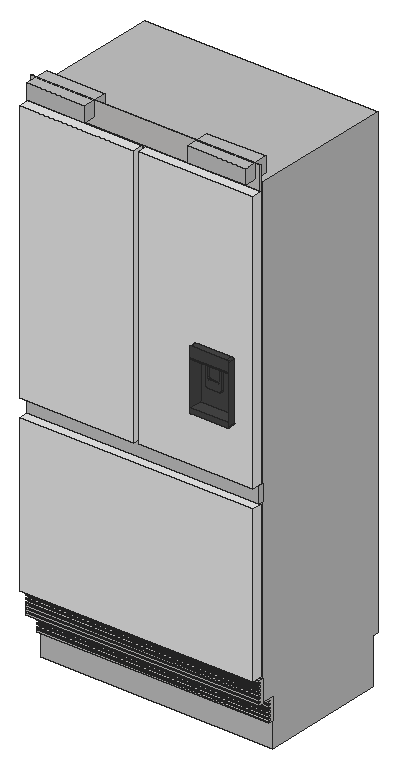
Revit family "FP_Revit_18_RS36A80U1_Fridge_90001168A", category Specialty Equipment, Revit 2018
Family settings
  Round Connector Dimension = Use Diameter
  Part Type = Normal
  OmniClass Number = 23.40.40.11.11.17
  OmniClass Title = Refrigerator-Freezer
  Work Plane-Based = No
  Always vertical = Yes
  Cut with Voids When Loaded = Yes
  Shared = No
  Room Calculation Point = No
Parameters (values of type "RS36A80U1 (without door panels)")
  Visibility - Water Dispenser = yes
  Visibility - Visibility Control Note = yes
  Visibility - Clearance Required = yes
  URL = "www.fisherpaykel.com"
  Stainless Steel Door Panel Set = no
  Product - Width = 906 mm  # constant formula
  Product - Height = 2028 mm
  Product - Depth = 621 mm  # constant formula
  Model = "RS36A80U1"
  Material - Trim = Fisher & Paykel - Stainless Steel
  Material - Door Structure = Fisher & Paykel - White
  Material - Door Front = Fisher & Paykel - Stainless Steel
  Material - Body = Fisher & Paykel - Grey
  Manufacturer = "Fisher & Paykel Appliances"
  Handle Style - Professional Square (AHV2RS36A) = no
  Handle Style - Professional Round Flush (AHP3S36A) = no
  Handle Style - Professional Round (AHCRS36A) = no
  Handle Style - Contemporary Square Fine Black (AHD5RD36AB) = no
  Handle Style - Contemporary Square Fine (AHD5RD36A) = no
  Handle Style - Contemporary Square (AHD3RS36A) = no
  Handle Style - Contemporary Round (25374 AHS-ASBI-A) = no
  Description = "36\" Integrated French Door Refrigerator Freezer, Ice & Water"
  Connector Description - Water = "1/4\" (6mm) comp. Stainless steel braided hose"
  Connector Description - Electrical = "115 V, 60 Hz, 10 A fused electrical supply"
  Chassis - Width = 890 mm  # constant formula
  Chassis - Height = 1970 mm  # constant formula
  Chassis - Depth = 603 mm  # constant formula
  Cavity - Width = 914 mm  # constant formula
  Cavity - Height = 2032 mm
  Cavity - Depth = 635 mm  # constant formula
Reference planes
  plane 1 "Datum": y = 0
  plane 2: z = 0
  plane 3 "Center (Left/Right)": x = 0
  plane 4 "Product LHS": x = -453
  plane 5 "Product RHS": x = 453
  plane 6 "Product - Depth": y = 603
  plane 7 "Cavity LHS": x = -457
  plane 8 "Cavity RHS": x = 457
  plane 9 "Cavity - Depth": y = 616.957
  plane 10 "Product Height": z = 2028
  plane 11 "Cavity Height": z = 2032
  plane 12 "Door Panel 18mm (Front)": y = -18.043
Forms (mm)
  Extrusion 1, solid, material "Fisher & Paykel - Grey" <- "Material - Body"
    sketch origin (0, 0, 0) x (0, 1, 0) y (0, 0, 1)
      loop
        line (52, 181.92) -> (102, 181.92) -> (102, 6) -> (582, 6) -> (582, 182) -> (603, 182) -> (603, 1970) -> (52, 1970) -> (52, 181.92)
    from -445 to 445
  Extrusion 2, solid, material "Fisher & Paykel - Clearance Required", visible <- "Visibility - Clearance Required", detail levels coarse
    sketch origin (0, -18, -2000) x (0, 1, 0) y (0, 0, 1)
      loop
        line (-0.043, 2874) -> (-359.921, 2874) -> (-359.921, 2809.3) -> (-401.921, 2809.3) -> (-401.921, 2793.3) -> (-359.921, 2793.3) -> (-359.921, 2100.03) -> (-0.043, 2100.03) -> (-0.043, 2874)
    from -453 to 453
  Extrusion 3, solid, material "Fisher & Paykel - White" <- "Material - Door Structure"
    sketch origin (0, 0, 0) x (1, 0, 0) y (0, 0, 1)
      loop
        line (-7.74, 1939.6) -> (-445, 1939.6) -> (-445, 938.6) -> (-7.74, 938.6) -> (-7.74, 1939.6)
      loop
        line (7.74, 1939.6) -> (7.74, 938.6) -> (445, 938.6) -> (445, 1939.6) -> (7.74, 1939.6)
      loop
        line (-445, 868.5) -> (-445, 276.5) -> (445, 276.5) -> (445, 868.5) -> (-445, 868.5)
    from -42.6 to -5
  Extrusion 4, solid, material "Fisher & Paykel - White" <- "Material - Door Structure", detail levels medium+fine
    sketch origin (0, 0, -1.5) x (1, 0, 0) y (0, 0, 1)
      loop
        line (-434.6, 860) -> (-434.6, 291.274) -> (434.6, 291.274) -> (434.6, 860) -> (-434.6, 860)
      loop
        line (-13.88, 950.1) -> (-13.88, 1931.1) -> (-434.58, 1931.1) -> (-434.58, 950.1) -> (-13.88, 950.1)
      loop
        line (13.88, 950.1) -> (434.58, 950.1) -> (434.58, 1931.1) -> (13.88, 1931.1) -> (13.88, 950.1)
    from -52 to -42.6
  Extrusion 5, solid, material "Fisher & Paykel - Grey" <- "Material - Body"
    sketch origin (0, 0, 0) x (1, 0, 0) y (0, 1, 0)
      loop
        line (-195.3, 5) -> (-195.3, 100) -> (-417.8, 100) -> (-417.8, 5) -> (-195.3, 5)
      loop
        line (418.2, 5) -> (418.2, 100) -> (195.7, 100) -> (195.7, 5) -> (418.2, 5)
    from 1970 to 2028
  Extrusion 6, solid, material "Fisher & Paykel - Stainless Steel" <- "Material - Trim", detail levels fine
    sketch origin (0, -20, 0) x (0, 1, 0) y (0, 0, 1)
      loop
        line (122, 181.92) -> (75.253, 181.92) -> (75.253, 177.518) -> (112.5, 177.518) -> (112.5, 171.604) -> (104.601, 171.604) -> (104.601, 167.081) -> (112.5, 167.081) -> (112.5, 158.507) -> (104.601, 158.507) -> (104.601, 153.984) -> (112.5, 153.984) -> (112.5, 145.41) -> (104.601, 145.41) -> (104.601, 140.887) -> (112.5, 140.887) -> (112.5, 132.313) -> (104.601, 132.313) -> (104.601, 127.789) -> (112.5, 127.789) -> (112.5, 119.215) -> (104.601, 119.215) -> (104.601, 114.692) -> (112.5, 114.692) -> (112.5, 106.118) -> (104.601, 106.118) -> (104.601, 101.308) -> (122, 101.308) -> (122, 181.92)
      loop
        line (72, 266.429) -> (54.5, 266.429) -> (54.5, 261.429) -> (62.5, 261.429) -> (62.5, 252.921) -> (54.5, 252.921) -> (54.5, 248.398) -> (62.5, 248.398) -> (62.5, 239.824) -> (54.5, 239.824) -> (54.5, 235.3) -> (62.5, 235.3) -> (62.5, 226.726) -> (54.5, 226.726) -> (54.5, 222.203) -> (62.5, 222.203) -> (62.5, 213.629) -> (54.5, 213.629) -> (54.5, 209.106) -> (62.5, 209.106) -> (62.5, 200.532) -> (54.5, 200.532) -> (54.5, 196.009) -> (62.5, 196.009) -> (62.5, 187.436) -> (54.5, 187.436) -> (54.5, 181.92) -> (72, 181.92) -> (72, 266.429)
    from -445 to 445
  Extrusion 7, solid, material "Fisher & Paykel - Stainless Steel" <- "Material - Door Front", visible <- "Stainless Steel Door Panel Set"
    sketch origin (0, 0, 0) x (1, 0, 0) y (0, 0, 1)
      loop
        line (-453, 874) -> (-453, 100.03) -> (453, 100.03) -> (453, 874) -> (-453, 874)
      loop
        line (-453, 878) -> (-2, 878) -> (-2, 2028) -> (-453, 2028) -> (-453, 878)
      loop
        line (2, 2028) -> (2, 878) -> (453, 878) -> (453, 2028) -> (2, 2028)
    from 0 to 18
  Extrusion 8, solid, material "Fisher & Paykel - Clearance Required", visible <- "Visibility - Clearance Required", detail levels coarse
    sketch origin (0, 0, 0) x (1, 0, 0) y (0, 1, 0)
      loop
        line (-457, 616.957) -> (-457, -18.043) -> (457, -18.043) -> (457, 616.957) -> (-457, 616.957)
    from 0 to 2032
  Extrusion 9, solid, material "Fisher & Paykel - Clearance Required", visible <- "Visibility - Clearance Required", detail levels coarse
    sketch origin (0, -18, 0) x (1, 0, 0) y (0, 1, 0)
      loop
        line (-453, -0.043) -> (-610.872, -338.602) -> (-647.125, -321.697) -> (-653.73, -335.861) -> (-617.477, -352.766) -> (-643.601, -408.788)
        arc (-643.601, -408.788) -> (-210.678, -380.413) -> (-2, -0.043) r 451
        line (-2, -0.043) -> (-453, -0.043)
      loop
        line (453, -0.043) -> (2, -0.043)
        arc (2, -0.043) -> (210.678, -380.413) -> (643.601, -408.788) r 451
        line (643.601, -408.788) -> (617.477, -352.766) -> (653.73, -335.861) -> (647.125, -321.697) -> (610.872, -338.602) -> (453, -0.043)
    from 878 to 2032
  Extrusion 10, void
    sketch origin (0, 0, 0) x (1, 0, 0) y (0, 1, 0)
      loop
        line (-457, 616.957) -> (-457, -18.043) -> (457, -18.043) -> (457, 616.957) -> (-457, 616.957)
    from 0 to 2032
  Extrusion 11, void
    sketch origin (0, 0, 0) x (1, 0, 0) y (0, 0, 1)
      loop
        arc (230.8, 1364.6) -> (225.143, 1362.257) -> (222.8, 1356.6) r 8
        line (222.8, 1356.6) -> (222.8, 1137)
        arc (222.8, 1137) -> (225.143, 1131.343) -> (230.8, 1129) r 8
        line (230.8, 1129) -> (365.3, 1129)
        arc (365.3, 1129) -> (370.957, 1131.343) -> (373.3, 1137) r 8
        line (373.3, 1137) -> (373.3, 1356.6)
        arc (373.3, 1356.6) -> (370.957, 1362.257) -> (365.3, 1364.6) r 8
        line (365.3, 1364.6) -> (230.8, 1364.6)
    from -42.6 to 18.043
  Extrusion 12, solid, material "Fisher & Paykel - Grey" <- "Material - Body", detail levels medium+fine
    sketch origin (0, 0, 0) x (0, 1, 0) y (0, 0, 1)
      loop
        arc (130.874, 0) -> (132, -0.044) -> (133.126, 0) r 14.372
        line (133.126, 0) -> (130.874, 0)
      loop
        arc (535.752, 6) -> (552, -0.025) -> (568.248, 6) r 24.92
        line (568.248, 6) -> (535.752, 6)
    from 385.2 to 434.6
  Extrusion 13, solid, material "Fisher & Paykel - Grey" <- "Material - Body", detail levels medium+fine
    sketch origin (0, 0, 0) x (0, 1, 0) y (0, 0, -1)
      loop
        line (130.874, 0) -> (133.126, 0)
        arc (133.126, 0) -> (132, 0.044) -> (130.874, 0) r 14.372
      loop
        line (535.752, -6) -> (568.248, -6)
        arc (568.248, -6) -> (552, 0.025) -> (535.752, -6) r 24.92
    from 385.2 to 434.6
  Extrusion 14, solid, material "Fisher & Paykel - Grey" <- "Material - Body", detail levels fine
    sketch origin (0, 0, 0) x (0, 1, 0) y (0, 0, 1)
      loop
        line (52, 934.5) -> (35, 934.5) -> (35, 874.5) -> (52, 874.5) -> (52, 934.5)
    from -445 to 445
  Extrusion 15, solid, material "Fisher & Paykel - Stainless Steel" <- "Material - Trim", detail levels fine
    sketch origin (0, 0, 0) x (0, 1, 0) y (0, 0, 1)
      loop
        line (50, 1939.6) -> (50, 2028) -> (48, 2028) -> (48, 1939.6) -> (50, 1939.6)
    from -438.8 to 439.2
  Extrusion 16, solid, material "Fisher & Paykel - Grey" <- "Material - Body", detail levels medium+fine
    sketch origin (0, 0, 0) x (1, 0, 0) y (0, 0, 1)
      loop
        circle (303, 60) r 4
      loop
        circle (-303, 60) r 4
    from -603 to -582
Cuts and joins
  Extrusion 11 cuts Extrusion 8
  Extrusion 11 cuts Extrusion 7
  Extrusion 11 cuts Extrusion 3
Lines and regions (mm)
  model lines, style "Fisher & Paykel"
    curve 1: line (-453, 0, 2028) -> (-2, 0, 2028)
    curve 2: line (-453, 0, 878) -> (-453, 0, 2028)
    curve 3: line (-2, 0, 878) -> (-453, 0, 878)
    curve 4: line (-2, 0, 2028) -> (-2, 0, 878)
    curve 5: line (2, 0, 878) -> (453, 0, 878)
    curve 6: line (2, 0, 2028) -> (2, 0, 878)
    curve 7: line (453, 0, 2028) -> (2, 0, 2028)
    curve 8: line (453, 0, 878) -> (453, 0, 2028)
    curve 9: line (-453, 0, 874) -> (453, 0, 874)
    curve 10: line (-453, 0, 100.03) -> (-453, 0, 874)
    curve 11: line (453, 0, 100.03) -> (-453, 0, 100.03)
    curve 12: line (453, 0, 874) -> (453, 0, 100.03)
Text (mm)
  text "Due to ongoing product development, product details are subject to change without notice. \nPlease always refer to www.fisherpaykel.com for the most current product information. \n© Fisher & Paykel 2020" at (41.04, -527.568, 0), in view "Ref. Level (Plan)"
Dimensions and locks
  equal spacing: plane 4 "Product LHS", plane 3 "Center (Left/Right)", plane 5 "Product RHS"
  "Product - Width": plane 4 "Product LHS" to plane 5 "Product RHS"
  equal spacing: plane 7 "Cavity LHS", plane 3 "Center (Left/Right)", plane 8 "Cavity RHS"
  "Cavity - Width": plane 7 "Cavity LHS" to plane 8 "Cavity RHS"
  "Product - Height": level to plane 10 "Product Height"
  "Cavity - Height": plane 11 "Cavity Height" to level
  "Cavity - Depth": plane 9 "Cavity - Depth" to plane 12 "Door Panel 18mm (Front)"
  plane 12 "Door Panel 18mm (Front)" to plane 1 "Datum" = 18.043 mm
  locked: Extrusion 11 sketch curve to Extrusion 11 sketch curve at 235.6
  locked: Extrusion 11 sketch curve to Extrusion 11 sketch curve at 150.5
  "Chassis - Depth": plane 6 "Product - Depth" to plane 1 "Datum"
  plane 6 "Product - Depth" to plane 12 "Door Panel 18mm (Front)" = 621.043 mm
  locked: cut or joined group of Extrusion 3, Extrusion 11 to level at 1939.6
  locked: Extrusion 4 to level at 1929.6
  "Chassis - Height": Extrusion 1 to level
  locked: Extrusion 11 sketch curve to level at 1364.6
  Extrusion 16 sketch curve to plane 5 "Product RHS" = 150 mm
  Extrusion 1 to Extrusion 16 sketch curve = 50 mm
  locked: level to Extrusion 3 sketch curve at 1939.6  (x2)
  locked: curve 9 to level at 874
  locked: curve 3 to level at 878
  locked: curve 1 to plane 10 "Product Height"
  locked: curve 7 to plane 10 "Product Height"
  aligned and locked: level to plane 2
  aligned and locked: Extrusion 3 sketch curve to Extrusion 3 sketch curve
  aligned and locked: plane 9 "Cavity - Depth" to Extrusion 10
  aligned and locked: plane 9 "Cavity - Depth" to Extrusion 8
  aligned and locked: plane 6 "Product - Depth" to Extrusion 1
  aligned and locked: Extrusion 8 to plane 11 "Cavity Height"
  aligned and locked: Extrusion 9 to plane 11 "Cavity Height"
  aligned and locked: Extrusion 1 to Extrusion 14  (x2)
  aligned and locked: Extrusion 10 to plane 11 "Cavity Height"
  aligned and locked: plane 10 "Product Height" to Extrusion 15 sketch curve
  aligned and locked: Extrusion 16 to Extrusion 1
  aligned and locked: plane 6 "Product - Depth" to Extrusion 16
  aligned and locked: cut or joined group of Extrusion 3, Extrusion 11 to Extrusion 15
  aligned and locked: Extrusion 9 to cut or joined group of Extrusion 7, Extrusion 11
Automatic sketch dimensions
  plane 3 "Center (Left/Right)" to curve 5 = 2 mm
  Extrusion 1 sketch curve to plane 6 "Product - Depth" = 0 mm
  level to Extrusion 1 sketch curve = 6 mm
  Extrusion 1 sketch curve to plane 6 "Product - Depth" = 21 mm
  Extrusion 1 sketch curve to plane 1 "Datum" = 102 mm
  Extrusion 1 sketch curve to Extrusion 1 sketch curve = 50 mm
  Extrusion 1 sketch curve to Extrusion 1 sketch curve = 175.92 mm
  Extrusion 1 sketch curve to Extrusion 1 sketch curve = 176 mm
  plane 10 "Product Height" to Extrusion 1 sketch curve = 58 mm
  Extrusion 2 sketch curve to plane 12 "Door Panel 18mm (Front)" = 0 mm
  level to Extrusion 2 sketch curve = 100.03 mm
  Extrusion 2 sketch curve to plane 12 "Door Panel 18mm (Front)" = 359.878 mm
  Extrusion 2 sketch curve to Extrusion 2 sketch curve = 0 mm
  Extrusion 2 sketch curve to Extrusion 2 sketch curve = 42 mm
  Extrusion 2 sketch curve to Extrusion 2 sketch curve = 693.27 mm
  Extrusion 2 sketch curve to Extrusion 2 sketch curve = 16 mm
  Extrusion 2 sketch curve to Extrusion 2 sketch curve = 64.7 mm
  Extrusion 4 sketch curve to plane 4 "Product LHS" = 18.4 mm
  Extrusion 4 sketch curve to plane 4 "Product LHS" = 18.42 mm
  Extrusion 4 sketch curve to plane 3 "Center (Left/Right)" = 13.88 mm
  plane 3 "Center (Left/Right)" to Extrusion 4 sketch curve = 13.88 mm
  plane 5 "Product RHS" to Extrusion 4 sketch curve = 18.42 mm
  plane 5 "Product RHS" to Extrusion 4 sketch curve = 18.4 mm
  level to Extrusion 4 sketch curve = 289.774 mm
  Extrusion 4 sketch curve to Extrusion 4 sketch curve = 568.726 mm
  Extrusion 4 sketch curve to Extrusion 4 sketch curve = 90.1 mm
  Extrusion 4 sketch curve to Extrusion 4 sketch curve = 0 mm  (x2)
  plane 10 "Product Height" to Extrusion 4 sketch curve = 98.4 mm
  Extrusion 5 sketch curve to plane 1 "Datum" = 5 mm  (x2)
  Extrusion 5 sketch curve to plane 4 "Product LHS" = 35.2 mm
  Extrusion 5 sketch curve to plane 3 "Center (Left/Right)" = 195.3 mm
  plane 3 "Center (Left/Right)" to Extrusion 5 sketch curve = 195.7 mm
  plane 5 "Product RHS" to Extrusion 5 sketch curve = 34.8 mm
  Extrusion 5 sketch curve to Extrusion 5 sketch curve = 95 mm  (x2)
  Extrusion 6 sketch curve to plane 1 "Datum" = 34.5 mm  (x2)
  Extrusion 6 sketch curve to Extrusion 6 sketch curve = 0 mm  (x17)
  Extrusion 6 sketch curve to Extrusion 6 sketch curve = 8 mm  (x2)
  Extrusion 6 sketch curve to Extrusion 6 sketch curve = 9.5 mm  (x2)
  Extrusion 6 sketch curve to Extrusion 6 sketch curve = 3.253 mm
  Extrusion 6 sketch curve to Extrusion 6 sketch curve = 29.348 mm  (x2)
  Extrusion 6 sketch curve to Extrusion 6 sketch curve = 7.899 mm  (x3)
  level to Extrusion 6 sketch curve = 101.308 mm
  Extrusion 6 sketch curve to Extrusion 6 sketch curve = 4.811 mm
  Extrusion 6 sketch curve to Extrusion 6 sketch curve = 8.574 mm  (x9)
  Extrusion 6 sketch curve to Extrusion 6 sketch curve = 4.523 mm  (x10)
  Extrusion 6 sketch curve to Extrusion 6 sketch curve = 5.914 mm
  Extrusion 6 sketch curve to Extrusion 6 sketch curve = 4.402 mm
  Extrusion 6 sketch curve to Extrusion 6 sketch curve = 5.516 mm
  Extrusion 6 sketch curve to Extrusion 6 sketch curve = 8.573 mm
  Extrusion 6 sketch curve to Extrusion 6 sketch curve = 8.508 mm
  Extrusion 6 sketch curve to Extrusion 6 sketch curve = 5 mm
  plane 4 "Product LHS" to Extrusion 7 sketch curve = 0 mm  (x2)
  Extrusion 7 sketch curve to plane 10 "Product Height" = 0 mm  (x2)
  plane 5 "Product RHS" to Extrusion 7 sketch curve = 0 mm  (x2)
  Extrusion 7 sketch curve to plane 3 "Center (Left/Right)" = 2 mm
  plane 3 "Center (Left/Right)" to Extrusion 7 sketch curve = 2 mm
  level to Extrusion 7 sketch curve = 878 mm
  Extrusion 7 sketch curve to Extrusion 7 sketch curve = 0 mm
  Extrusion 7 sketch curve to Extrusion 7 sketch curve = 4 mm
  level to Extrusion 7 sketch curve = 100.03 mm
  Extrusion 8 sketch curve to plane 7 "Cavity LHS" = 0 mm
  Extrusion 8 sketch curve to plane 8 "Cavity RHS" = 0 mm
  Extrusion 8 sketch curve to plane 12 "Door Panel 18mm (Front)" = 0 mm
  Extrusion 8 sketch curve to plane 9 "Cavity - Depth" = 0 mm
  Extrusion 9 sketch curve to plane 4 "Product LHS" = 0 mm  (x2)
  Extrusion 9 sketch curve to plane 12 "Door Panel 18mm (Front)" = 0 mm  (x2)
  Extrusion 9 sketch curve to plane 5 "Product RHS" = 0 mm  (x2)
  plane 7 "Cavity LHS" to Extrusion 9 sketch curve = 153.872 mm
  Extrusion 9 sketch curve to Extrusion 9 sketch curve = 6.605 mm  (x3)
  Extrusion 9 sketch curve to Extrusion 9 sketch curve = 26.124 mm
  Extrusion 9 sketch curve to Extrusion 9 sketch curve = 36.252 mm  (x2)
  Extrusion 9 sketch curve to plane 3 "Center (Left/Right)" = 2 mm
  plane 3 "Center (Left/Right)" to Extrusion 9 sketch curve = 2 mm
  Extrusion 9 sketch curve to plane 8 "Cavity RHS" = 153.872 mm
  plane 1 "Datum" to Extrusion 9 sketch curve = 426.788 mm
  plane 1 "Datum" to Extrusion 9 sketch curve = 353.861 mm
  Extrusion 10 sketch curve to plane 7 "Cavity LHS" = 0 mm
  Extrusion 10 sketch curve to plane 8 "Cavity RHS" = 0 mm
  Extrusion 10 sketch curve to plane 12 "Door Panel 18mm (Front)" = 0 mm
  Extrusion 10 sketch curve to plane 9 "Cavity - Depth" = 0 mm
  plane 3 "Center (Left/Right)" to Extrusion 11 sketch curve = 222.8 mm
  Extrusion 11 sketch curve to Extrusion 11 sketch curve = 8 mm  (x4)
  Extrusion 12 sketch curve to level = 0 mm
  Extrusion 12 sketch curve to plane 1 "Datum" = 130.874 mm
  Extrusion 12 sketch curve to Extrusion 12 sketch curve = 1.126 mm
  level to Extrusion 12 sketch curve = 6 mm
  Extrusion 12 sketch curve to plane 6 "Product - Depth" = 67.248 mm
  Extrusion 12 sketch curve to Extrusion 12 sketch curve = 16.248 mm
  level to Extrusion 12 sketch curve = 14.328 mm
  level to Extrusion 12 sketch curve = 24.894 mm
  Extrusion 13 sketch curve to level = 0 mm
  Extrusion 13 sketch curve to plane 1 "Datum" = 130.874 mm
  Extrusion 13 sketch curve to Extrusion 13 sketch curve = 1.126 mm
  level to Extrusion 13 sketch curve = 6 mm
  Extrusion 13 sketch curve to plane 6 "Product - Depth" = 67.248 mm
  Extrusion 13 sketch curve to Extrusion 13 sketch curve = 16.248 mm
  level to Extrusion 13 sketch curve = 14.328 mm
  level to Extrusion 13 sketch curve = 24.894 mm
  Extrusion 14 sketch curve to plane 1 "Datum" = 35 mm
  Extrusion 14 sketch curve to Extrusion 14 sketch curve = 17 mm
  level to Extrusion 14 sketch curve = 874.5 mm
  Extrusion 14 sketch curve to Extrusion 14 sketch curve = 60 mm
  Extrusion 15 sketch curve to plane 1 "Datum" = 48 mm
  Extrusion 15 sketch curve to Extrusion 15 sketch curve = 2 mm
  level to Extrusion 16 sketch curve = 60 mm  (x2)
  Extrusion 16 sketch curve to plane 4 "Product LHS" = 150 mm
  Extrusion 3 sketch curve to plane 4 "Product LHS" = 8 mm  (x2)
  Extrusion 3 sketch curve to plane 3 "Center (Left/Right)" = 7.74 mm
  plane 3 "Center (Left/Right)" to Extrusion 3 sketch curve = 7.74 mm
  plane 5 "Product RHS" to Extrusion 3 sketch curve = 8 mm
  level to Extrusion 3 sketch curve = 276.5 mm
  Extrusion 3 sketch curve to Extrusion 3 sketch curve = 592 mm
  Extrusion 3 sketch curve to Extrusion 3 sketch curve = 70.1 mm
  Extrusion 3 sketch curve to Extrusion 3 sketch curve = 0 mm
  plane 4 "Product LHS" to curve 10 = 0 mm
  plane 4 "Product LHS" to curve 3 = 0 mm
  plane 5 "Product RHS" to curve 9 = 0 mm
  plane 5 "Product RHS" to curve 7 = 0 mm
  curve 3 to plane 3 "Center (Left/Right)" = 2 mm
  level to curve 12 = 100.03 mm
  curve 4 to curve 5 = 0 mm
  Extrusion 15 sketch curve to Extrusion 15 sketch curve = 88.4 mm
  radius of Extrusion 16 sketch curve = 4 mm
Nested families
  nested 1: "F&P Handle Kit - Contemporary Square - Horizontal" at (0, -18, 801.322), visible <- "Handle Style - Contemporary Square (AHD3RS36A)", type "RS36A - Contemporary square handle (2 of 2) (Horizontal) 746mm"
  nested 2: "F&P Handle Kit - Contemporary Square - Vertical" at (67.3, -18, 1306.3), visible <- "Handle Style - Contemporary Square (AHD3RS36A)", type "RS36A - Contemporary square handle (1 of 2) (Vertical) 727mm"
  nested 3: "F&P Handle Kit - Contemporary Square - Vertical" at (-67.3, -18, 1306.3), visible <- "Handle Style - Contemporary Square (AHD3RS36A)", type "RS36A - Contemporary square handle (1 of 2) (Vertical) 727mm"
  nested 4: "Comment Marker 2D" at (1025.229, 0, 0), visible <- "Visibility - Visibility Control Note", type "Active"
  nested 5: "F&P Handle Kit - Contemporary Round - Horizontal" at (0, -18.043, 801.3), visible <- "Handle Style - Contemporary Round (25374 AHS-ASBI-A)", type "25374 AHS-ASBI-A - Contemporary round handle (2 of 2) (Horizontal) 746mm"
  nested 6: "F&P Handle Kit - Contemporary Round - Vertical" at (-67.3, -18.043, 1306.3), visible <- "Handle Style - Contemporary Round (25374 AHS-ASBI-A)", type "25374 AHS-ASBI-A - Contemporary round handle (1 of 2) (Vertical) 727mm"
  nested 7: "F&P Handle Kit - Contemporary Square Fine - Horizontal" at (0, -18.043, 801.3), visible <- "Handle Style - Contemporary Square Fine (AHD5RD36A)", type "AHD5RD36A - Contemporary square fine handle (2 of 2) (Horizontal) 746mm"
  nested 8: "F&P Handle Kit - Contemporary Square Fine - Horizontal" at (0, -18.043, 801.3), visible <- "Handle Style - Contemporary Square Fine Black (AHD5RD36AB)", type "AHD5RD36AB - Contemporary square fine black handle (2 of 2) (Horizontal) 746mm"
  nested 9: "F&P Handle Kit - Contemporary Square Fine - Vertical" at (-67.3, -18.043, 1306.3), visible <- "Handle Style - Contemporary Square Fine (AHD5RD36A)", type "AHD5RD36A - Contemporary square fine handle (1 of 2) (Vertical) 727mm"
  nested 10: "F&P Handle Kit - Contemporary Square Fine - Vertical" at (-67.3, -18.043, 1306.3), visible <- "Handle Style - Contemporary Square Fine Black (AHD5RD36AB)", type "AHD5RD36AB - Contemporary square fine black handle (1 of 2) (Vertical) 727mm"
  nested 11: "F&P Handle Kit - Professional Round - Horizontal" at (0, -18.043, 801.3), visible <- "Handle Style - Professional Round (AHCRS36A)", type "AHCRS36A - Professional round handle (2 of 2) (Horizontal) 746mm"
  nested 12: "F&P Handle Kit - Professional Round - Vertical" at (-67.3, -18.043, 1306.3), visible <- "Handle Style - Professional Round (AHCRS36A)", type "AHCRS36A - Professional round handle (1 of 2) (Vertical) 661mm"
  nested 13: "F&P Handle Kit - Professional Square - Horizontal" at (0, -18.043, 801.3), visible <- "Handle Style - Professional Square (AHV2RS36A)", type "AHV2RS36A - Professional square handle (2 of 2) (Horizontal) 686mm"
  nested 14: "F&P Handle Kit - Professional Square - Vertical" at (-67.3, -18.043, 1306.3), visible <- "Handle Style - Professional Square (AHV2RS36A)", type "AHV2RS36A - Professional square handle (1 of 2) (Vertical) 727mm"
  nested 15: "F&P Handle Kit - Contemporary Round - Vertical" at (67.3, -18.043, 1306.3), visible <- "Handle Style - Contemporary Round (25374 AHS-ASBI-A)", type "25374 AHS-ASBI-A - Contemporary round handle (1 of 2) (Vertical) 727mm"
  nested 16: "F&P Handle Kit - Contemporary Square Fine - Vertical" at (67.3, -18.043, 1306.3), visible <- "Handle Style - Contemporary Square Fine (AHD5RD36A)", type "AHD5RD36A - Contemporary square fine handle (1 of 2) (Vertical) 727mm"
  nested 17: "F&P Handle Kit - Contemporary Square Fine - Vertical" at (67.3, -18.043, 1306.3), visible <- "Handle Style - Contemporary Square Fine Black (AHD5RD36AB)", type "AHD5RD36AB - Contemporary square fine black handle (1 of 2) (Vertical) 727mm"
  nested 18: "F&P Handle Kit - Professional Round - Vertical" at (67.3, -18.043, 1306.3), visible <- "Handle Style - Professional Round (AHCRS36A)", type "AHCRS36A - Professional round handle (1 of 2) (Vertical) 661mm"
  nested 19: "F&P Handle Kit - Professional Square - Vertical" at (67.3, -18.043, 1306.3), visible <- "Handle Style - Professional Square (AHV2RS36A)", type "AHV2RS36A - Professional square handle (1 of 2) (Vertical) 727mm"
  nested 20: "F&P Water Dispenser" at (298.05, -18, 1129), visible <- "Visibility - Water Dispenser", type "F&P Water Dispenser"
  nested 21: "F&P Handle Kit - Professional Round Flush - Horizontal" at (0, -18.043, 801.3), visible <- "Handle Style - Professional Round Flush (AHP3S36A)", type "AHP3RD36A - Professional round flush handle (2 of 2) (Horizontal)"
  nested 22: "F&P Handle Kit - Professional Round Flush - Vertical" at (-67.3, -18.043, 1306.3), visible <- "Handle Style - Professional Round Flush (AHP3S36A)", type "AHP3RD36A - Professional round flush handle (1 of 2) (Vertical)"
  nested 23: "F&P Handle Kit - Professional Round Flush - Vertical" at (67.3, -18.043, 1306.3), visible <- "Handle Style - Professional Round Flush (AHP3S36A)", type "AHP3RD36A - Professional round flush handle (1 of 2) (Vertical)"
Connectors
  electrical at (303, 603, 60), driven by "Connector Description - Electrical"
    settings: on Extrusion 16, index 1, voltage 115 V, apparent load 0 VA, apparent load phase1 0 VA, apparent load phase2 0 VA, apparent load phase3 0 VA, power factor 1, load classification "Other", number of poles 1, system type 30, power factor state 1, is connector primary yes, connector utility no, sub classification motor no, connector description "115 V, 60 Hz, 10 A fused electrical supply"
  piping at (-303, 603, 60), diameter 6, driven by "Connector Description - Water"
    settings: on Extrusion 16, index 2, connector inside diameter 609.6 mm, connector length 0 mm, flow factor 0, pipe flow 0.0 L/s, pressure drop 0.0 Pa, fitting loss kfactor 0, connector angle 0.00°, fixture units 0, engagement length 0 mm, angle of deflection 0.00°, flow configuration 0, flow direction 1, fitting loss method 0, system type 20, joint type 0, gender type 0, connector reference index -1, connector utility 0, adjustable connector no, is connector primary yes, connector description "1/4\" (6mm) comp. Stainless steel braided hose"
Definition of nested family "F&P Handle Kit - Contemporary Square - Horizontal"
  Parameters (values of type "RS90A - Contemporary square handle (2 of 2) (Horizontal) 746mm")
    URL = "www.fisherpaykel.com"
    Material - Handle = none
    Manufacturer = "Fisher & Paykel Appliances"
    Handle - Length = 746 mm
  Types (9, lengths in mm): name | Handle - Length
    (no name) | 746
    AHD3RD2484W - Contemporary square handle (2 of 2) (Horizontal) 494mm | 494
    AHD3RD3084W - Contemporary square handle (2 of 2) (Horizontal) 646mm | 646
    AHD3RS3272A - Contemporary square handle (2 of 2) (Horizontal) 646mm | 646
    AHD3RS80A - Contemporary square handle (2 of 2) (Horizontal) 646mm | 646
    AHD3RD6121W - Contemporary square handle (2 of 2) (Horizontal) 494mm | 494
    AHD3RD7621W - Contemporary square handle (2 of 2) (Horizontal) 646mm | 646
    RS36A - Contemporary square handle (2 of 2) (Horizontal) 746mm | 746
    RS90A - Contemporary square handle (2 of 2) (Horizontal) 746mm | 746
  Reference planes
    plane 1 "Center (Front/Back)": y = 0
    plane 2: z = 0
    plane 3 "Center (Left/Right)": x = 0
    plane 4 "Product LHS": x = -373
    plane 5 "Product RHS": x = 373
    plane 6 "LHS Standoff": x = -252.995
    plane 7 "RHS Standoff": x = 253.005
  Forms (mm)
    Extrusion 1, solid, material <- "Material - Handle", detail levels fine
      sketch origin (0, 0, 0) x (0, 1, 0) y (0, 0, 1)
        loop
          arc (-28.701, 7.561) -> (-29.057, 7.868) -> (-29.514, 7.978) r 1
          line (-29.514, 7.978) -> (-40.5, 7.978)
          arc (-40.5, 7.978) -> (-41.561, 7.539) -> (-42, 6.478) r 1.5
          line (-42, 6.478) -> (-42, -6.522)
          arc (-42, -6.522) -> (-41.561, -7.583) -> (-40.5, -8.022) r 1.5
          line (-40.5, -8.022) -> (-29.487, -8.022)
          arc (-29.487, -8.022) -> (-29.029, -7.911) -> (-28.673, -7.602) r 1
          arc (-28.673, -7.602) -> (-26.256, -0.016) -> (-28.701, 7.561) r 13.038
      from -373 to 373
    Extrusion 2, solid, material <- "Material - Handle", detail levels fine
      sketch origin (0, 0, 0) x (0, 1, 0) y (0, 0, 1)
        loop
          arc (-28.23, 7.062) -> (-26.156, 0.008) -> (-28.198, -7.056) r 13.136
          arc (-28.198, -7.056) -> (-28.21, -7.463) -> (-27.86, -7.67) r 0.4
          line (-27.86, -7.67) -> (0, -7.67) -> (0, 7.678) -> (-27.893, 7.678)
          arc (-27.893, 7.678) -> (-28.244, 7.47) -> (-28.23, 7.062) r 0.4
      from 253.005 to 373
    Extrusion 3, solid, material <- "Material - Handle", detail levels fine
      sketch origin (0, 0, 0) x (0, 1, 0) y (0, 0, -1)
        loop
          arc (-28.23, -7.062) -> (-28.244, -7.47) -> (-27.893, -7.678) r 0.4
          line (-27.893, -7.678) -> (0, -7.678) -> (0, 7.67) -> (-27.86, 7.67)
          arc (-27.86, 7.67) -> (-28.21, 7.463) -> (-28.198, 7.056) r 0.4
          arc (-28.198, 7.056) -> (-26.156, -0.008) -> (-28.23, -7.062) r 13.136
      from 252.995 to 373
    Sweep 4, void
      path in 3D
        loop
          line (373, -29.514, 7.978) -> (373, -40.5, 7.978)
          arc (373, -40.5, 7.978) -> (373, -41.561, 7.539) -> (373, -42, 6.478) r 1.5
          line (373, -42, 6.478) -> (373, -42, -6.522)
          arc (373, -42, -6.522) -> (373, -41.561, -7.583) -> (373, -40.5, -8.022) r 1.5
          line (373, -40.5, -8.022) -> (373, -29.487, -8.022)
      profile origin (373, -35.007, 7.978) x (1, 0, 0) y (0, 0, 1)
        loop
          line (0, 0) -> (-1.3, 0) -> (0, -1.3) -> (0, 0)
    Sweep 5, void
      path in 3D
        loop
          line (-373, -29.487, -8.022) -> (-373, -40.5, -8.022)
          arc (-373, -40.5, -8.022) -> (-373, -41.561, -7.583) -> (-373, -42, -6.522) r 1.5
          line (-373, -42, -6.522) -> (-373, -42, 6.478)
          arc (-373, -42, 6.478) -> (-373, -41.561, 7.539) -> (-373, -40.5, 7.978) r 1.5
          line (-373, -40.5, 7.978) -> (-373, -29.514, 7.978)
      profile origin (-373, -35.007, 7.978) x (-1, 0, 0) y (0, 0, 1)
        loop
          line (0, 0) -> (-1.3, 0) -> (0, -1.3) -> (0, 0)
    Extrusion 6, void
      sketch origin (0, 0, 0) x (1, 0, 0) y (0, 0, 1)
        loop
          line (373, 7.978) -> (371.7, 7.978) -> (373, 6.678) -> (373, 7.978)
        loop
          line (373, -8.022) -> (373, -6.722) -> (371.7, -8.022) -> (373, -8.022)
      from 0 to 40
    Extrusion 7, void
      sketch origin (0, 0, 0) x (1, 0, 0) y (0, 0, 1)
        loop
          line (-373, 7.978) -> (-373, 6.678) -> (-371.7, 7.978) -> (-373, 7.978)
        loop
          line (-373, -8.022) -> (-371.7, -8.022) -> (-373, -6.722) -> (-373, -8.022)
      from 0 to 40
    Extrusion 8, solid, material <- "Material - Handle", detail levels coarse+medium
      sketch origin (0, 0, 0) x (1, 0, 0) y (0, 1, 0)
        loop
          line (-373, -42) -> (373, -42) -> (373, 0) -> (253.005, 0) -> (253.005, -26.156) -> (-252.995, -26.156) -> (-252.995, 0) -> (-373, 0) -> (-373, -42)
      from -8.022 to 7.978
  Cuts and joins
    Sweep 4, Sweep 5, Extrusion 6, Extrusion 7 cuts Extrusion 1
    Extrusion 6 cuts Extrusion 2
    Extrusion 7 cuts Extrusion 3
  Lines and regions (mm)
    sketch lines
      curve 1: line (373, -29.514, 7.978) -> (373, -40.5, 7.978)
      curve 2: arc (373, -42, 6.478) -> (373, -41.561, 7.539) -> (373, -40.5, 7.978) r 1.5
      curve 3: line (373, -42, 6.478) -> (373, -42, -6.522)
      curve 4: arc (373, -40.5, -8.022) -> (373, -41.561, -7.583) -> (373, -42, -6.522) r 1.5
      curve 5: line (373, -40.5, -8.022) -> (373, -29.487, -8.022)
      curve 6: line (-373, -40.5, 7.978) -> (-373, -29.514, 7.978)
      curve 7: arc (-373, -40.5, 7.978) -> (-373, -41.561, 7.539) -> (-373, -42, 6.478) r 1.5
      curve 8: line (-373, -42, -6.522) -> (-373, -42, 6.478)
      curve 9: arc (-373, -42, -6.522) -> (-373, -41.561, -7.583) -> (-373, -40.5, -8.022) r 1.5
      curve 10: line (-373, -29.487, -8.022) -> (-373, -40.5, -8.022)
  Dimensions and locks
    equal spacing: plane 4 "Product LHS", plane 3 "Center (Left/Right)", plane 5 "Product RHS"
    "Handle - Length": plane 4 "Product LHS" to plane 5 "Product RHS"
    locked: plane 4 "Product LHS" to plane 6 "LHS Standoff" at 120.005
    locked: plane 7 "RHS Standoff" to plane 5 "Product RHS" at 119.995
    aligned and locked: level to plane 2
    aligned and locked: Extrusion 1 to plane 5 "Product RHS"
    aligned and locked: plane 4 "Product LHS" to Extrusion 1
    aligned and locked: Extrusion 2 to plane 5 "Product RHS"
    aligned and locked: plane 4 "Product LHS" to Extrusion 3
    aligned and locked: plane 4 "Product LHS" to Extrusion 8 sketch curve
    aligned and locked: Extrusion 8 sketch curve to plane 5 "Product RHS"
    aligned and locked: Extrusion 8 sketch curve to plane 7 "RHS Standoff"
    aligned and locked: plane 6 "LHS Standoff" to Extrusion 8 sketch curve
    aligned and locked: Extrusion 2 to plane 7 "RHS Standoff"
    aligned and locked: plane 6 "LHS Standoff" to Extrusion 3
  Automatic sketch dimensions
    Extrusion 1 sketch curve to level = 6.522 mm
    plane 1 "Center (Front/Back)" to Extrusion 1 sketch curve = 42 mm
    Extrusion 1 sketch curve to Extrusion 1 sketch curve = 1.5 mm  (x2)
    Extrusion 1 sketch curve to level = 0.04 mm
    Extrusion 1 sketch curve to Extrusion 1 sketch curve = 1.206 mm
    level to Extrusion 1 sketch curve = 6.978 mm
    Extrusion 1 sketch curve to Extrusion 1 sketch curve = 10.986 mm
    Extrusion 1 sketch curve to Extrusion 1 sketch curve = 11.013 mm
    Extrusion 1 sketch curve to Extrusion 1 sketch curve = 1 mm
    level to Extrusion 1 sketch curve = 6.478 mm
    Extrusion 1 sketch curve to Extrusion 1 sketch curve = 0 mm
    Extrusion 2 sketch curve to plane 1 "Center (Front/Back)" = 0 mm
    Extrusion 2 sketch curve to level = 7.67 mm
    Extrusion 2 sketch curve to Extrusion 2 sketch curve = 27.86 mm
    level to Extrusion 2 sketch curve = 7.678 mm
    Extrusion 2 sketch curve to Extrusion 2 sketch curve = 0.033 mm
    Extrusion 2 sketch curve to level = 0.022 mm
    Extrusion 2 sketch curve to Extrusion 2 sketch curve = 11.398 mm
    Extrusion 2 sketch curve to Extrusion 2 sketch curve = 0.4 mm  (x2)
    Extrusion 2 sketch curve to Extrusion 2 sketch curve = 0 mm
    Extrusion 3 sketch curve to plane 1 "Center (Front/Back)" = 0 mm
    Extrusion 3 sketch curve to level = 7.67 mm
    Extrusion 3 sketch curve to Extrusion 3 sketch curve = 27.86 mm
    level to Extrusion 3 sketch curve = 7.678 mm
    Extrusion 3 sketch curve to Extrusion 3 sketch curve = 0.033 mm
    Extrusion 3 sketch curve to level = 0.022 mm
    Extrusion 3 sketch curve to Extrusion 3 sketch curve = 11.398 mm
    Extrusion 3 sketch curve to Extrusion 3 sketch curve = 0.4 mm  (x2)
    Extrusion 3 sketch curve to Extrusion 3 sketch curve = 0 mm
    profile plane to Sweep 4 sketch curve = 0 mm
    Sweep 4 sketch curve to profile plane = 0 mm
    Sweep 4 sketch curve to profile plane = 1.3 mm
    profile plane to Sweep 4 sketch curve = 1.3 mm
    Sweep 5 sketch curve to profile plane = 0 mm  (x2)
    profile plane to Sweep 5 sketch curve = 1.3 mm
    Sweep 5 sketch curve to profile plane = 1.3 mm
    plane 5 "Product RHS" to Extrusion 6 sketch curve = 0 mm  (x2)
    Extrusion 6 sketch curve to Extrusion 6 sketch curve = 1.3 mm  (x4)
    Extrusion 6 sketch curve to level = 6.722 mm
    level to Extrusion 6 sketch curve = 6.678 mm
    plane 4 "Product LHS" to Extrusion 7 sketch curve = 0 mm  (x2)
    Extrusion 7 sketch curve to plane 4 "Product LHS" = 1.3 mm  (x2)
    Extrusion 7 sketch curve to level = 8.022 mm
    level to Extrusion 7 sketch curve = 6.678 mm
    Extrusion 7 sketch curve to Extrusion 7 sketch curve = 1.3 mm  (x2)
    plane 1 "Center (Front/Back)" to Extrusion 8 sketch curve = 0 mm  (x2)
    Extrusion 8 sketch curve to Extrusion 8 sketch curve = 26.156 mm
    Extrusion 8 sketch curve to Extrusion 8 sketch curve = 42 mm
Definition of nested family "F&P Handle Kit - Contemporary Square - Vertical"
  Parameters (values of type "RS90A - Contemporary square handle (1 of 2) (Vertical) 727mm")
    URL = "www.fisherpaykel.com"
    Material - Handle = none
    Manufacturer = "Fisher & Paykel Appliances"
    Handle - Length = 727 mm
  Types (11, lengths in mm): name | Handle - Length
    (no name) | 727
    AHD3-RD21 - Contemporary square handle (Vertical) 852mm | 852
    AHD3RD2484W - Contemporary square handle (1 of 2) (Vertical) 727mm | 727
    AHD3RD3084W - Contemporary square handle (1 of 2) (Vertical) 727mm | 727
    AHD3-RD84 - Contemporary square handle (Vertical) 852mm | 852
    AHD3RS3272A - Contemporary square handle (1 of 2) (Vertical) 727mm | 727
    AHD3RS80A - Contemporary square handle (1 of 2) (Vertical) 727mm | 727
    AHD3RD6121W - Contemporary square handle (1 of 2) (Vertical) 727mm | 727
    AHD3RD7621W - Contemporary square handle (1 of 2) (Vertical) 727mm | 727
    RS36A - Contemporary square handle (1 of 2) (Vertical) 727mm | 727
    RS90A - Contemporary square handle (1 of 2) (Vertical) 727mm | 727
  Reference planes
    plane 1 "Center (Front/Back)": y = 0
    plane 2: z = 0
    plane 3 "Center (Left/Right)": x = 0
    plane 4 "Top": z = 363.5
    plane 5 "Bottom": z = -363.5
    plane 6 "Top Standoff": z = 243.5
    plane 7 "Bottom Standoff": z = -243.5
  Forms (mm)
    Extrusion 1, solid, material <- "Material - Handle", detail levels fine
      sketch origin (0, 0, 0) x (1, 0, 0) y (0, 1, 0)
        loop
          arc (-7.583, -28.701) -> (-7.89, -29.057) -> (-8, -29.514) r 1
          line (-8, -29.514) -> (-8, -40.5)
          arc (-8, -40.5) -> (-7.561, -41.561) -> (-6.5, -42) r 1.5
          line (-6.5, -42) -> (6.5, -42)
          arc (6.5, -42) -> (7.561, -41.561) -> (8, -40.5) r 1.5
          line (8, -40.5) -> (8, -29.487)
          arc (8, -29.487) -> (7.889, -29.029) -> (7.58, -28.673) r 1
          arc (7.58, -28.673) -> (-0.006, -26.256) -> (-7.583, -28.701) r 13.038
      from -363.5 to 363.5
    Extrusion 2, solid, material <- "Material - Handle", detail levels fine
      sketch origin (0, 0, 0) x (1, 0, 0) y (0, 1, 0)
        loop
          arc (7.058, -28.23) -> (7.466, -28.244) -> (7.674, -27.893) r 0.4
          line (7.674, -27.893) -> (7.674, 0) -> (-7.674, 0) -> (-7.674, -27.86)
          arc (-7.674, -27.86) -> (-7.467, -28.21) -> (-7.06, -28.198) r 0.4
          arc (-7.06, -28.198) -> (0.004, -26.156) -> (7.058, -28.23) r 13.136
      from 243.5 to 363.5
    Extrusion 3, solid, material <- "Material - Handle", detail levels fine
      sketch origin (0, 0, 0) x (1, 0, 0) y (0, 1, 0)
        loop
          arc (7.058, -28.23) -> (7.466, -28.244) -> (7.674, -27.893) r 0.4
          line (7.674, -27.893) -> (7.674, 0) -> (-7.674, 0) -> (-7.674, -27.86)
          arc (-7.674, -27.86) -> (-7.467, -28.21) -> (-7.06, -28.198) r 0.4
          arc (-7.06, -28.198) -> (0.004, -26.156) -> (7.058, -28.23) r 13.136
      from -363.5 to -243.5
    Sweep 4, void
      path in 3D
        loop
          line (-8, -29.514, 363.5) -> (-8, -40.5, 363.5)
          arc (-8, -40.5, 363.5) -> (-7.561, -41.561, 363.5) -> (-6.5, -42, 363.5) r 1.5
          line (-6.5, -42, 363.5) -> (6.5, -42, 363.5)
          arc (6.5, -42, 363.5) -> (7.561, -41.561, 363.5) -> (8, -40.5, 363.5) r 1.5
          line (8, -40.5, 363.5) -> (8, -29.487, 363.5)
      profile origin (8, -34.994, 363.5) x (-1, 0, 0) y (0, 0, 1)
        loop
          line (0, 0) -> (0, -1.3) -> (1.3, 0) -> (0, 0)
    Sweep 5, void
      path in 3D
        loop
          line (8, -29.487, -363.5) -> (8, -40.5, -363.5)
          arc (8, -40.5, -363.5) -> (7.561, -41.561, -363.5) -> (6.5, -42, -363.5) r 1.5
          line (6.5, -42, -363.5) -> (-6.5, -42, -363.5)
          arc (-6.5, -42, -363.5) -> (-7.561, -41.561, -363.5) -> (-8, -40.5, -363.5) r 1.5
          line (-8, -40.5, -363.5) -> (-8, -29.514, -363.5)
      profile origin (8, -34.994, -363.5) x (-1, 0, 0) y (0, 0, -1)
        loop
          line (0, 0) -> (0, -1.3) -> (1.3, 0) -> (0, 0)
    Extrusion 6, void
      sketch origin (0, 0, 0) x (1, 0, 0) y (0, 0, 1)
        loop
          line (-8, -362.2) -> (-8, -363.5) -> (-6.7, -363.5) -> (-8, -362.2)
        loop
          line (8, -362.2) -> (6.7, -363.5) -> (8, -363.5) -> (8, -362.2)
      from 0 to 40
    Extrusion 7, void
      sketch origin (0, 0, 0) x (1, 0, 0) y (0, 0, 1)
        loop
          line (-8, 363.5) -> (-8, 362.2) -> (-6.7, 363.5) -> (-8, 363.5)
        loop
          line (8, 363.5) -> (6.7, 363.5) -> (8, 362.2) -> (8, 363.5)
      from 0 to 40
    Extrusion 8, solid, material <- "Material - Handle", detail levels coarse+medium
      sketch origin (0, 0, 0) x (0, 1, 0) y (0, 0, 1)
        loop
          line (0, 363.5) -> (-42, 363.5) -> (-42, -363.5) -> (0, -363.5) -> (0, -243.5) -> (-26.245, -243.5) -> (-26.245, 243.5) -> (0, 243.5) -> (0, 363.5)
      from -8 to 8
  Cuts and joins
    Sweep 4, Sweep 5, Extrusion 6, Extrusion 7 cuts Extrusion 1
    Extrusion 6 cuts Extrusion 3
    Extrusion 7 cuts Extrusion 2
  Lines and regions (mm)
    sketch lines
      curve 1: line (8, -40.5, 363.5) -> (8, -29.487, 363.5)
      curve 2: arc (8, -40.5, 363.5) -> (7.561, -41.561, 363.5) -> (6.5, -42, 363.5) r 1.5
      curve 3: line (-6.5, -42, 363.5) -> (6.5, -42, 363.5)
      curve 4: arc (-6.5, -42, 363.5) -> (-7.561, -41.561, 363.5) -> (-8, -40.5, 363.5) r 1.5
      curve 5: line (-8, -29.514, 363.5) -> (-8, -40.5, 363.5)
      curve 6: line (8, -29.487, -363.5) -> (8, -40.5, -363.5)
      curve 7: arc (6.5, -42, -363.5) -> (7.561, -41.561, -363.5) -> (8, -40.5, -363.5) r 1.5
      curve 8: line (6.5, -42, -363.5) -> (-6.5, -42, -363.5)
      curve 9: arc (-8, -40.5, -363.5) -> (-7.561, -41.561, -363.5) -> (-6.5, -42, -363.5) r 1.5
      curve 10: line (-8, -40.5, -363.5) -> (-8, -29.514, -363.5)
  Dimensions and locks
    equal spacing: plane 4 "Top", level, plane 5 "Bottom"
    "Handle - Length": plane 4 "Top" to plane 5 "Bottom"
    locked: plane 4 "Top" to plane 6 "Top Standoff" at 120
    locked: plane 7 "Bottom Standoff" to plane 5 "Bottom" at 120
    aligned and locked: level to plane 2
    aligned and locked: plane 4 "Top" to Extrusion 2
    aligned and locked: Extrusion 2 to plane 6 "Top Standoff"
    aligned and locked: plane 4 "Top" to Extrusion 1
    aligned and locked: Extrusion 1 to plane 5 "Bottom"
    aligned and locked: Extrusion 3 to plane 5 "Bottom"
    aligned and locked: plane 7 "Bottom Standoff" to Extrusion 3
    aligned and locked: plane 4 "Top" to Extrusion 8 sketch curve
    aligned and locked: plane 6 "Top Standoff" to Extrusion 8 sketch curve
    aligned and locked: plane 7 "Bottom Standoff" to Extrusion 8 sketch curve
    aligned and locked: plane 5 "Bottom" to Extrusion 8 sketch curve
    aligned and locked: plane 1 "Center (Front/Back)" to Extrusion 8 sketch curve  (x2)
  Automatic sketch dimensions
    Extrusion 1 sketch curve to plane 3 "Center (Left/Right)" = 8 mm
    Extrusion 1 sketch curve to Extrusion 1 sketch curve = 1 mm  (x2)
    Extrusion 1 sketch curve to Extrusion 1 sketch curve = 1.5 mm
    plane 3 "Center (Left/Right)" to Extrusion 1 sketch curve = 0.018 mm
    plane 3 "Center (Left/Right)" to Extrusion 1 sketch curve = 6.5 mm
    plane 3 "Center (Left/Right)" to Extrusion 1 sketch curve = 7 mm
    plane 1 "Center (Front/Back)" to Extrusion 1 sketch curve = 42 mm
    Extrusion 1 sketch curve to Extrusion 1 sketch curve = 1.206 mm
    Extrusion 1 sketch curve to Extrusion 1 sketch curve = 10.986 mm
    Extrusion 1 sketch curve to Extrusion 1 sketch curve = 11.013 mm
    Extrusion 1 sketch curve to Extrusion 1 sketch curve = 0 mm
    plane 1 "Center (Front/Back)" to Extrusion 2 sketch curve = 0 mm
    Extrusion 2 sketch curve to plane 3 "Center (Left/Right)" = 7.674 mm
    Extrusion 2 sketch curve to Extrusion 2 sketch curve = 0.4 mm  (x2)
    Extrusion 2 sketch curve to plane 3 "Center (Left/Right)" = 0.026 mm
    plane 3 "Center (Left/Right)" to Extrusion 2 sketch curve = 7.274 mm
    plane 1 "Center (Front/Back)" to Extrusion 2 sketch curve = 27.86 mm
    Extrusion 2 sketch curve to Extrusion 2 sketch curve = 0.033 mm
    Extrusion 2 sketch curve to Extrusion 2 sketch curve = 11.398 mm
    Extrusion 2 sketch curve to Extrusion 2 sketch curve = 0 mm
    plane 1 "Center (Front/Back)" to Extrusion 3 sketch curve = 0 mm
    Extrusion 3 sketch curve to Extrusion 3 sketch curve = 0.4 mm  (x2)
    Extrusion 3 sketch curve to Extrusion 3 sketch curve = 7.248 mm
    Extrusion 3 sketch curve to Extrusion 3 sketch curve = 7.3 mm
    plane 1 "Center (Front/Back)" to Extrusion 3 sketch curve = 27.86 mm
    Extrusion 3 sketch curve to Extrusion 3 sketch curve = 0.033 mm
    Extrusion 3 sketch curve to Extrusion 3 sketch curve = 11.398 mm
    Extrusion 3 sketch curve to Extrusion 3 sketch curve = 0 mm
    Sweep 4 sketch curve to profile plane = 0 mm  (x2)
    Sweep 4 sketch curve to profile plane = 1.3 mm  (x2)
    Sweep 5 sketch curve to profile plane = 0 mm  (x2)
    Sweep 5 sketch curve to profile plane = 1.3 mm  (x2)
    Extrusion 6 sketch curve to plane 5 "Bottom" = 0 mm  (x2)
    plane 5 "Bottom" to Extrusion 6 sketch curve = 1.3 mm  (x2)
    Extrusion 6 sketch curve to plane 3 "Center (Left/Right)" = 8 mm
    Extrusion 6 sketch curve to Extrusion 6 sketch curve = 1.3 mm  (x2)
    plane 3 "Center (Left/Right)" to Extrusion 6 sketch curve = 8 mm
    Extrusion 7 sketch curve to plane 4 "Top" = 0 mm  (x2)
    Extrusion 7 sketch curve to plane 3 "Center (Left/Right)" = 8 mm
    Extrusion 7 sketch curve to Extrusion 7 sketch curve = 1.3 mm  (x2)
    plane 3 "Center (Left/Right)" to Extrusion 7 sketch curve = 8 mm
    Extrusion 7 sketch curve to plane 4 "Top" = 1.3 mm  (x2)
    plane 1 "Center (Front/Back)" to Extrusion 8 sketch curve = 26.245 mm
    plane 1 "Center (Front/Back)" to Extrusion 8 sketch curve = 42 mm
    Extrusion 3 sketch curve to plane 3 "Center (Left/Right)" = 7.674 mm
Definition of nested family "F&P Handle Kit - Contemporary Round - Horizontal"
  Parameters (values of type "25374 AHS-ASBI-A - Contemporary round handle (2 of 2) (Horizontal) 746mm")
    URL = "www.fisherpaykel.com"
    Product - Width = 746 mm
    Model = ""
    Material - Handle = none
    Manufacturer = "Fisher & Paykel Appliances"
    Description = "Kit for RS36"
  Types (9, lengths in mm): name | Product - Width | Description
    (no name) | 746 | "Kit for RS36"
    AHSRD2484W - Contemporary round handle (2 of 2) (Horizontal) 494mm | 494 | ""
    AHSRD3084W - Contemporary round handle (2 of 2) (Horizontal) 646mm | 646 | ""
    AHSRS3272A - Contemporary round handle (2 of 2) (Horizontal) 646mm | 646 | ""
    AHSRS80A - Contemporary round handle (2 of 2) (Horizontal) 646mm | 646 | ""
    AHSRD6121W - Contemporary round handle (2 of 2) (Horizontal) 494mm | 494 | ""
    AHSRD7621W - Contemporary round handle (2 of 2) (Horizontal) 646mm | 646 | ""
    25374 AHS-ASBI-A - Contemporary round handle (2 of 2) (Horizontal) 746mm | 746 | "Kit for RS36"
    25329 AHS-ASBI-A - Contemporary round handle (2 of 2) (Horizontal) 746mm | 746 | "Kit for RS90"
  Reference planes
    plane 1 "Center (Front/Back)": y = 0
    plane 2: z = 0
    plane 3 "Center (Left/Right)": x = 0
    plane 4 "Product LHS": x = -373
    plane 5 "Product RHS": x = 373
    plane 6 "LHS Standoff": x = -252.995
    plane 7 "RHS Standoff": x = 253.005
  Forms (mm)
    Extrusion 1, solid, material <- "Material - Handle"
      sketch origin (0, 0, 0) x (0, 1, 0) y (0, 0, 1)
        loop
          circle (-32.3, 0) r 8.7
      from -252.995 to 253.005
    Extrusion 2, solid, material <- "Material - Handle", detail levels fine
      sketch origin (0, 0, 0) x (0, 1, 0) y (0, 0, 1)
        loop
          line (0, 8.7) -> (-32.3, 8.7)
          arc (-32.3, 8.7) -> (-41, 0) -> (-32.3, -8.7) r 8.7
          line (-32.3, -8.7) -> (0, -8.7) -> (0, 8.7)
      from 253.005 to 373
    Extrusion 3, solid, material <- "Material - Handle", detail levels fine
      sketch origin (0, 0, 0) x (0, 1, 0) y (0, 0, -1)
        loop
          line (0, -8.7) -> (0, 8.7) -> (-32.3, 8.7)
          arc (-32.3, 8.7) -> (-41, 0) -> (-32.3, -8.7) r 8.7
          line (-32.3, -8.7) -> (0, -8.7)
      from 252.995 to 373
    Sweep 4, void
      path in 3D
        loop
          line (373, 0, 8.7) -> (373, -32.3, 8.7)
          arc (373, -32.3, 8.7) -> (373, -41, 0) -> (373, -32.3, -8.7) r 8.7
          line (373, -32.3, -8.7) -> (373, 0, -8.7)
      profile origin (373, -16.15, 8.7) x (1, 0, 0) y (0, 0, 1)
        loop
          line (0, 0) -> (-1, 0) -> (0, -1) -> (0, 0)
    Sweep 5, void
      path in 3D
        loop
          line (-373, 0, -8.7) -> (-373, -32.3, -8.7)
          arc (-373, -32.3, -8.7) -> (-373, -41, 0) -> (-373, -32.3, 8.7) r 8.7
          line (-373, -32.3, 8.7) -> (-373, 0, 8.7)
      profile origin (-373, -16.15, 8.7) x (-1, 0, 0) y (0, 0, 1)
        loop
          line (0, 0) -> (-1, 0) -> (0, -1) -> (0, 0)
    Extrusion 6, solid, material <- "Material - Handle", detail levels coarse+medium
      sketch origin (0, 0, 0) x (0, 1, 0) y (0, 0, 1)
        loop
          line (0, 8.7) -> (-32.3, 8.7)
          arc (-32.3, 8.7) -> (-41, 0) -> (-32.3, -8.7) r 8.7
          line (-32.3, -8.7) -> (0, -8.7) -> (0, 8.7)
      from 253.005 to 373
    Extrusion 7, solid, material <- "Material - Handle", detail levels coarse+medium
      sketch origin (0, 0, 0) x (0, 1, 0) y (0, 0, -1)
        loop
          line (0, -8.7) -> (0, 8.7) -> (-32.3, 8.7)
          arc (-32.3, 8.7) -> (-41, 0) -> (-32.3, -8.7) r 8.7
          line (-32.3, -8.7) -> (0, -8.7)
      from 252.995 to 373
  Cuts and joins
    Sweep 4 cuts Extrusion 2
    Sweep 5 cuts Extrusion 3
  Lines and regions (mm)
    sketch lines
      curve 1: line (373, 0, 8.7) -> (373, -32.3, 8.7)
      curve 2: arc (373, -32.3, -8.7) -> (373, -41, 0) -> (373, -32.3, 8.7) r 8.7
      curve 3: line (373, -32.3, -8.7) -> (373, 0, -8.7)
      curve 4: line (-373, -32.3, 8.7) -> (-373, 0, 8.7)
      curve 5: arc (-373, -32.3, 8.7) -> (-373, -41, 0) -> (-373, -32.3, -8.7) r 8.7
      curve 6: line (-373, 0, -8.7) -> (-373, -32.3, -8.7)
  Dimensions and locks
    equal spacing: plane 4 "Product LHS", plane 3 "Center (Left/Right)", plane 5 "Product RHS"
    "Product - Width": plane 4 "Product LHS" to plane 5 "Product RHS"
    locked: plane 4 "Product LHS" to plane 6 "LHS Standoff" at 120.005
    locked: plane 7 "RHS Standoff" to plane 5 "Product RHS" at 119.995
    equal spacing: Extrusion 2 sketch curve, level, Extrusion 2 sketch curve
    Extrusion 3 sketch curve to Extrusion 3 sketch curve = 17.4 mm
    Extrusion 6 sketch curve to Extrusion 6 sketch curve = 17.4 mm
    Extrusion 7 sketch curve to Extrusion 7 sketch curve = 17.4 mm
    aligned and locked: level to plane 2
    aligned and locked: plane 7 "RHS Standoff" to Extrusion 1
    aligned and locked: Extrusion 2 to Extrusion 1
    aligned and locked: Extrusion 2 to plane 5 "Product RHS"
    aligned and locked: plane 4 "Product LHS" to Extrusion 3
    aligned and locked: plane 6 "LHS Standoff" to Extrusion 3
    aligned and locked: Extrusion 1 to plane 6 "LHS Standoff"
    aligned and locked: Extrusion 6 to Extrusion 1
    aligned and locked: Extrusion 6 to plane 5 "Product RHS"
    aligned and locked: plane 4 "Product LHS" to Extrusion 7
    aligned and locked: Extrusion 7 to Extrusion 1
  Automatic sketch dimensions
    Extrusion 1 sketch curve to level = 0 mm
    plane 1 "Center (Front/Back)" to Extrusion 1 sketch curve = 32.3 mm
    Extrusion 2 sketch curve to plane 1 "Center (Front/Back)" = 0 mm
    Extrusion 2 sketch curve to level = 8.7 mm
    plane 1 "Center (Front/Back)" to Extrusion 2 sketch curve = 32.3 mm
    Extrusion 3 sketch curve to level = 0 mm
    Extrusion 3 sketch curve to plane 1 "Center (Front/Back)" = 0 mm
    Extrusion 3 sketch curve to level = 8.7 mm
    plane 1 "Center (Front/Back)" to Extrusion 3 sketch curve = 32.3 mm
    Sweep 4 sketch curve to profile plane = 0 mm
    profile plane to Sweep 4 sketch curve = 0 mm
    profile plane to Sweep 4 sketch curve = 1 mm
    Sweep 4 sketch curve to profile plane = 1 mm
    Sweep 5 sketch curve to profile plane = 0 mm  (x2)
    profile plane to Sweep 5 sketch curve = 1 mm
    Sweep 5 sketch curve to profile plane = 1 mm
    Extrusion 6 sketch curve to level = 0 mm
    level to Extrusion 6 sketch curve = 8.7 mm
    plane 1 "Center (Front/Back)" to Extrusion 6 sketch curve = 32.3 mm
    Extrusion 6 sketch curve to Extrusion 6 sketch curve = 32.3 mm
    Extrusion 7 sketch curve to level = 0 mm
    level to Extrusion 7 sketch curve = 8.7 mm
    plane 1 "Center (Front/Back)" to Extrusion 7 sketch curve = 32.3 mm
    Extrusion 7 sketch curve to Extrusion 7 sketch curve = 32.3 mm
    radius of Extrusion 1 sketch curve = 8.7 mm
Definition of nested family "F&P Handle Kit - Contemporary Round - Vertical"
  Parameters (values of type "25374 AHS-ASBI-A - Contemporary round handle (1 of 2) (Vertical) 727mm")
    URL = "www.fisherpaykel.com"
    Material - Handle = none
    Manufacturer = "Fisher & Paykel Appliances"
    Handle - Length = 727 mm
    Description = "Kit for RS36"
  Types (10, lengths in mm): name | Handle - Length | Description
    AHS-RD21 - Contemporary round handle (Vertical) 852mm | 852 | ""
    AHSRD2484W - Contemporary round handle (1 of 2) (Vertical) 727mm | 727 | ""
    AHSRD3084W - Contemporary round handle (1 of 2) (Vertical) 727mm | 727 | ""
    AHS-RD84 - Contemporary round handle (Vertical) 852mm | 852 | ""
    AHSRS3272A - Contemporary round handle (1 of 2) (Vertical) 727mm | 727 | ""
    AHSRS80A - Contemporary round handle (1 of 2) (Vertical) 727mm | 727 | ""
    AHSRD6121W - Contemporary round handle (1 of 2) (Vertical) 727mm | 727 | ""
    AHSRD7621W - Contemporary round handle (1 of 2) (Vertical) 727mm | 727 | ""
    25329 AHS-ASBI-A - Contemporary round handle (1 of 2) (Vertical) 727mm | 727 | "Kit for RS90"
    25374 AHS-ASBI-A - Contemporary round handle (1 of 2) (Vertical) 727mm | 727 | "Kit for RS36"
  Reference planes
    plane 1 "Center (Front/Back)": y = 0
    plane 2: z = 0
    plane 3 "Center (Left/Right)": x = 0
    plane 4 "Top": z = 363.5
    plane 5 "Bottom": z = -363.5
    plane 6 "Top Standoff": z = 243.5
    plane 7 "Bottom Standoff": z = -243.5
  Forms (mm)
    Extrusion 1, solid, material <- "Material - Handle"
      sketch origin (0, 0, 0) x (1, 0, 0) y (0, 1, 0)
        loop
          circle (0, -32.3) r 8.7
      from -243.5 to 243.5
    Extrusion 2, solid, material <- "Material - Handle", detail levels fine
      sketch origin (0, 0, 0) x (1, 0, 0) y (0, 1, 0)
        loop
          line (-8.7, 0) -> (-8.7, -32.3)
          arc (-8.7, -32.3) -> (0, -41) -> (8.7, -32.3) r 8.7
          line (8.7, -32.3) -> (8.7, 0) -> (-8.7, 0)
      from 243.5 to 363.5
    Extrusion 3, solid, material <- "Material - Handle", detail levels fine
      sketch origin (0, 0, 0) x (1, 0, 0) y (0, 1, 0)
        loop
          line (-8.7, 0) -> (-8.7, -32.3)
          arc (-8.7, -32.3) -> (0, -41) -> (8.7, -32.3) r 8.7
          line (8.7, -32.3) -> (8.7, 0) -> (-8.7, 0)
      from -363.5 to -243.5
    Sweep 4, void
      path in 3D
        loop
          line (8.7, 0, -363.5) -> (8.7, -32.3, -363.5)
          arc (8.7, -32.3, -363.5) -> (0, -41, -363.5) -> (-8.7, -32.3, -363.5) r 8.7
          line (-8.7, -32.3, -363.5) -> (-8.7, 0, -363.5)
      profile origin (8.7, -16.15, -363.5) x (-1, 0, 0) y (0, 0, -1)
        loop
          line (0, 0) -> (0, -1) -> (1, 0) -> (0, 0)
    Sweep 5, void
      path in 3D
        loop
          line (-8.7, 0, 363.5) -> (-8.7, -32.3, 363.5)
          arc (-8.7, -32.3, 363.5) -> (0, -41, 363.5) -> (8.7, -32.3, 363.5) r 8.7
          line (8.7, -32.3, 363.5) -> (8.7, 0, 363.5)
      profile origin (8.7, -16.15, 363.5) x (-1, 0, 0) y (0, 0, 1)
        loop
          line (0, 0) -> (0, -1) -> (1, 0) -> (0, 0)
    Extrusion 6, solid, material <- "Material - Handle", detail levels coarse+medium
      sketch origin (0, 0, 0) x (1, 0, 0) y (0, 1, 0)
        loop
          line (-8.7, 0) -> (-8.7, -32.3)
          arc (-8.7, -32.3) -> (0, -41) -> (8.7, -32.3) r 8.7
          line (8.7, -32.3) -> (8.7, 0) -> (-8.7, 0)
      from 243.5 to 363.5
